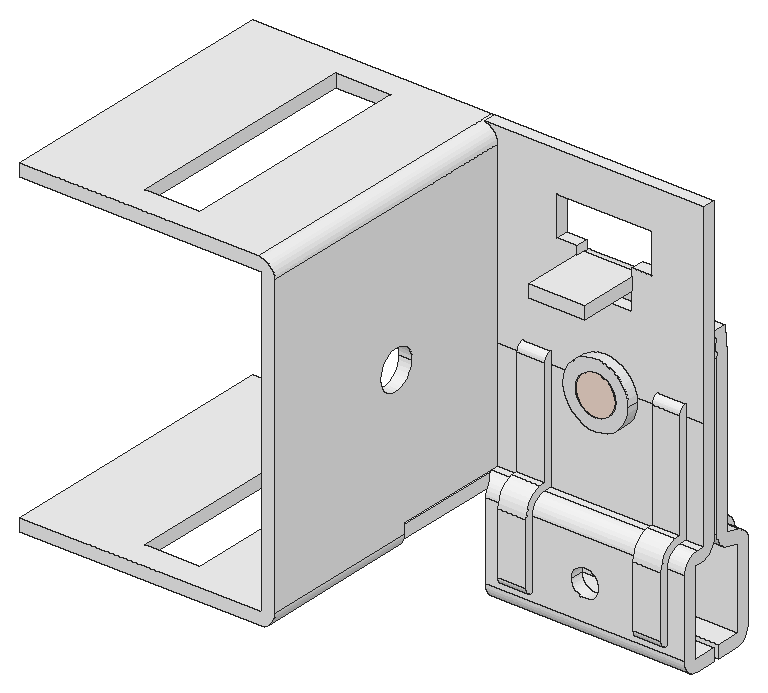
Revit family "CTハンガーH=0右", category 機械設備, Revit 2020
Family settings
  丸型コネクタ寸法 = 直径を使用
  種別 = なし
  パーツ タイプ = 標準
  作業面ベース = いいえ
  常に垂直 = はい
  ロード時にボイドで切り取り = いいえ
  共有 = いいえ
  部屋計算ポイント = いいえ
Parameters
  製造元 = "株式会社桐井製作所"
  既定の高さ = 0 mm
  URL = "https://www.kirii.co.jp/"
  K_材質 = "溶融亜鉛めっき鋼板及び鋼帯 SGCC 一般用"
  K_品名 = "CTハンガーH＝0右"
  K_名称 = "CTハンガー"
  K_入数 = "200"
  K_備考 = "対象Tバー：eT4025、eAT4025"
  K_バージョン情報 = "20220915"
  K_めっき付着量 = "Z12"
  K_JIS規格 = "JIS G 3302"
Reference planes
  plane 1 "中心(正面/背面)": y = 0
  plane 2: z = 0
  plane 3 "中心(左/右)": x = 0
Forms (mm)
  Extrusion 1, solid, material "05吊り材"
    sketch origin (0, -1.2, 0) x (0, -1, 0) y (0, 0, 1)
      loop
        line (1.8, -3.544) -> (1.8, -14.044) -> (-1.2, -14.044) -> (-1.2, -15.644) -> (1.4, -15.644)
        arc (1.4, -15.644) -> (2.814, -15.058) -> (3.4, -13.644) r 2
        line (3.4, -13.644) -> (3.4, -3.944)
        arc (3.4, -3.944) -> (2.814, -2.53) -> (1.4, -1.944) r 2
        line (1.4, -1.944) -> (0.4, -1.944) -> (0.4, 11.856) -> (0.4, 36.356) -> (-1.2, 36.356) -> (-1.2, -1.544)
        arc (-1.2, -1.544) -> (-0.614, -2.958) -> (0.8, -3.544) r 2
        line (0.8, -3.544) -> (1.8, -3.544)
    from -12.5 to 15.1
  Extrusion 2, solid, material "アルミニウム"
    sketch origin (0, -1.2, 4.922) x (-1, 0, 0) y (0, 0, 1)
      loop
        circle (0, 6.436) r 4.1
      loop
        circle (0, 6.436) r 2.499
    from -1.8 to 0
  Extrusion 3, solid, material "05吊り材"
    sketch origin (16, -1.2, 0) x (0, -1, 0) y (0, 0, 1)
      loop
        arc (1.3, 12.456) -> (1.036, 13.093) -> (0.4, 13.356) r 0.9
        line (0.4, 13.356) -> (0.4, -1.944) -> (1.4, -1.944)
        arc (1.4, -1.944) -> (2.814, -2.53) -> (3.4, -3.944) r 2
        line (3.4, -3.944) -> (3.4, -12.644)
        arc (3.4, -12.644) -> (4.036, -12.38) -> (4.3, -11.744) r 0.9
        line (4.3, -11.744) -> (4.3, -3.944)
        arc (4.3, -3.944) -> (3.685, -2.14) -> (2.095, -1.087) r 2.953
        line (2.095, -1.087) -> (1.3, -1.087) -> (1.3, 12.456)
      loop
        line (-4, -1.245) -> (-5.318, -1.633)
        arc (-5.318, -1.633) -> (-6.822, -2.678) -> (-7.4, -4.415) r 2.9
        line (-7.4, -4.415) -> (-7.4, -11.844)
        arc (-7.4, -11.844) -> (-7.166, -12.409) -> (-6.6, -12.644) r 0.8
        line (-6.6, -12.644) -> (-6.6, -4.415)
        arc (-6.6, -4.415) -> (-6.181, -3.157) -> (-5.093, -2.4) r 2.1
        line (-5.093, -2.4) -> (-3.2, -1.844) -> (-3.2, 14.356)
        arc (-3.2, 14.356) -> (-3.766, 14.122) -> (-4, 13.556) r 0.8
        line (-4, 13.556) -> (-4, -1.245)
    from 5.75 to 9.25
  Extrusion 4, void
    sketch origin (0, -1.2, 0) x (-1, 0, 0) y (0, 0, 1)
      loop
        line (-6, 31.356) -> (-6, 26.343) -> (-3.5, 26.343) -> (-3.5, 21.356) -> (3.5, 21.356) -> (3.5, 26.343) -> (6, 26.343) -> (6, 31.356) -> (-6, 31.356)
    from -0.4 to 1.2
  Extrusion 5, void
    sketch origin (0.011, -1.2, 4.995) x (-1, 0, 0) y (0, 0, 1)
      loop
        circle (0, 6.373) r 2.5
    from -1.3 to 3.2
  Extrusion 6, void
    sketch origin (0, 0.4, 0) x (1, 0, 0) y (0, 0, 1)
      loop
        line (-13.5, -1.944) -> (-15.1, -1.944) -> (-15.1, -15.644) -> (-12.5, -15.644) -> (-12.5, -2.944)
        arc (-12.5, -2.944) -> (-12.793, -2.237) -> (-13.5, -1.944) r 1
    from -1.2 to 6.3
  Extrusion 7, void
    sketch origin (0, 42.1, 50.967) x (1, 0, 0) y (0, 0, 1)
      loop
        line (-3.5, -25.623) -> (-12.5, -25.623) -> (-12.5, -29.342) -> (-3.5, -29.342) -> (-3.5, -25.623)
      loop
        line (12.5, -25.623) -> (3.5, -25.623) -> (3.5, -29.342) -> (12.5, -29.342) -> (12.5, -25.623)
    from 39.7 to 51.6
  Extrusion 8, solid, material "05吊り材"
    sketch origin (0, -1.2, 0) x (0, -1, 0) y (0, 0, 1)
      loop
        line (-5, -4.041) -> (-3.107, -3.484)
        arc (-3.107, -3.484) -> (-2.019, -2.728) -> (-1.6, -1.47) r 2.1
        line (-1.6, -1.47) -> (-1.6, 18.356) -> (-1.1, 23.256)
        arc (-1.1, 23.256) -> (-0.954, 23.61) -> (-0.6, 23.756) r 0.5
        line (-0.6, 23.756) -> (7.9, 23.756) -> (7.9, 25.343) -> (-0.6, 25.343)
        arc (-0.6, 25.343) -> (-1.932, 24.867) -> (-2.659, 23.655) r 2.1
        line (-2.659, 23.655) -> (-3.2, 18.356) -> (-3.2, -1.844) -> (-5.093, -2.4)
        arc (-5.093, -2.4) -> (-6.181, -3.157) -> (-6.6, -4.415) r 2.1
        line (-6.6, -4.415) -> (-6.6, -13.544)
        arc (-6.6, -13.544) -> (-5.985, -15.029) -> (-4.5, -15.644) r 2.1
        line (-4.5, -15.644) -> (-2, -15.644) -> (-2, -14.044) -> (-5, -14.044) -> (-5, -4.041)
    from -12.5 to 12.5
  Extrusion 9, solid, material "05吊り材"
    sketch origin (-1, -1.2, 0) x (0, -1, 0) y (0, 0, 1)
      loop
        arc (1.3, 12.456) -> (1.036, 13.093) -> (0.4, 13.356) r 0.9
        line (0.4, 13.356) -> (0.4, -1.944) -> (1.4, -1.944)
        arc (1.4, -1.944) -> (2.814, -2.53) -> (3.4, -3.944) r 2
        line (3.4, -3.944) -> (3.4, -12.644)
        arc (3.4, -12.644) -> (4.036, -12.38) -> (4.3, -11.744) r 0.9
        line (4.3, -11.744) -> (4.3, -3.944)
        arc (4.3, -3.944) -> (3.685, -2.14) -> (2.095, -1.087) r 2.953
        line (2.095, -1.087) -> (1.3, -1.087) -> (1.3, 12.456)
      loop
        line (-4, -1.245) -> (-5.318, -1.633)
        arc (-5.318, -1.633) -> (-6.822, -2.678) -> (-7.4, -4.415) r 2.9
        line (-7.4, -4.415) -> (-7.4, -11.844)
        arc (-7.4, -11.844) -> (-7.166, -12.409) -> (-6.6, -12.644) r 0.8
        line (-6.6, -12.644) -> (-6.6, -4.415)
        arc (-6.6, -4.415) -> (-6.181, -3.157) -> (-5.093, -2.4) r 2.1
        line (-5.093, -2.4) -> (-3.2, -1.844) -> (-3.2, 14.356)
        arc (-3.2, 14.356) -> (-3.766, 14.122) -> (-4, 13.556) r 0.8
        line (-4, 13.556) -> (-4, -1.245)
    from 5.75 to 9.25
  Extrusion 10, solid, material "05吊り材"
    sketch origin (16, -1.2, 0) x (0, -1, 0) y (0, 0, 1)
      loop
        arc (1.3, 12.456) -> (1.036, 13.093) -> (0.4, 13.356) r 0.9
        line (0.4, 13.356) -> (0.4, -1.944) -> (1.4, -1.944)
        arc (1.4, -1.944) -> (2.814, -2.53) -> (3.4, -3.944) r 2
        line (3.4, -3.944) -> (3.4, -12.644)
        arc (3.4, -12.644) -> (4.036, -12.38) -> (4.3, -11.744) r 0.9
        line (4.3, -11.744) -> (4.3, -3.944)
        arc (4.3, -3.944) -> (3.685, -2.14) -> (2.095, -1.087) r 2.953
        line (2.095, -1.087) -> (1.3, -1.087) -> (1.3, 12.456)
      loop
        line (-4, -1.245) -> (-5.318, -1.633)
        arc (-5.318, -1.633) -> (-6.822, -2.678) -> (-7.4, -4.415) r 2.9
        line (-7.4, -4.415) -> (-7.4, -11.844)
        arc (-7.4, -11.844) -> (-7.166, -12.409) -> (-6.6, -12.644) r 0.8
        line (-6.6, -12.644) -> (-6.6, -4.415)
        arc (-6.6, -4.415) -> (-6.181, -3.157) -> (-5.093, -2.4) r 2.1
        line (-5.093, -2.4) -> (-3.2, -1.844) -> (-3.2, 14.356)
        arc (-3.2, 14.356) -> (-3.766, 14.122) -> (-4, 13.556) r 0.8
        line (-4, 13.556) -> (-4, -1.245)
    from 5.75 to 9.25
  Extrusion 11, solid, material "05吊り材"
    sketch origin (0, 0, -20.1) x (1, 0, 0) y (0, 0, 1)
      loop
        line (-45.5, 56.456) -> (-45.5, 54.856) -> (-15.1, 54.856) -> (-15.1, 16.456) -> (-45.5, 16.456) -> (-45.5, 14.856) -> (-15.1, 14.856)
        arc (-15.1, 14.856) -> (-13.949, 15.576) -> (-13.5, 16.856) r 2.05
        line (-13.5, 16.856) -> (-13.5, 54.456)
        arc (-13.5, 54.456) -> (-14.086, 55.87) -> (-15.5, 56.456) r 2
        line (-15.5, 56.456) -> (-45.5, 56.456)
    from 0 to 36.6
  Extrusion 12, void
    sketch origin (0, 0, -19.631) x (0, 1, 0) y (0, 0, 1)
      loop
        circle (-17.5, 35.456) r 2.5
    from -15.1 to -13.5
  Extrusion 13, void
    sketch origin (0, -0.8, -59.631) x (1, 0, 0) y (0, 1, 0)
      loop
        line (-32.5, -2.5) -> (-32.5, -32.5) -> (-25.5, -32.5) -> (-25.5, -2.5) -> (-32.5, -2.5)
    from 54.387 to 55.987
  Extrusion 14, void
    sketch origin (0, -0.8, -19.631) x (1, 0, 0) y (0, 1, 0)
      loop
        line (-32.5, -2.5) -> (-32.5, -32.5) -> (-25.5, -32.5) -> (-25.5, -2.5) -> (-32.5, -2.5)
    from 54.387 to 55.987
  Extrusion 15, void
    sketch origin (0, 0, -4.375) x (1, 0, 0) y (0, 0, 1)
      loop
        circle (0, -4.769) r 1.75
    from 3 to 4.6
  Extrusion 16, void
    sketch origin (0, 8.4, -4.375) x (1, 0, 0) y (0, 0, 1)
      loop
        circle (0, -4.769) r 1.75
    from 3 to 4.6
  Extrusion 17, void
    sketch origin (0, 0, 0) x (0, 1, 0) y (0, 0, 1)
      loop
        line (0, -5.244) -> (0, -1.944) -> (-16.3, -1.944) -> (-16.3, -5.244) -> (0, -5.244)
    from -15.1 to -13.5
Cuts and joins
  Extrusion 4, Extrusion 5, Extrusion 6, Extrusion 15, Extrusion 16 cuts Extrusion 1
  Extrusion 5, Extrusion 7, Extrusion 16 cuts Extrusion 8
  joined: Extrusion 3, Extrusion 8, Extrusion 9, Extrusion 10
  Extrusion 17 cuts Extrusion 2
  Extrusion 12, Extrusion 13, Extrusion 14, Extrusion 17 cuts Extrusion 11
Dimensions and locks
  aligned and locked: level to plane 2
Nested families
  nested 1: "直吊りハンガー用ビス" at (0, 2, 11.334) x (-1, 0, 0) z (0, 0, 1), type "直吊りハンガー用ビス"
Definition of nested family "直吊りハンガー用ビス"
  Parameters (values of type "直吊りハンガー用ビス")
    Manufacturer = "株式会社桐井製作所"
    Default Elevation = 0 mm
    URL = "https://www.kirii.co.jp/"
    K_名称 = "M6×25ボルト"
  Reference planes
    plane 1 "中心(正面/背面)": y = 0
    plane 2: z = 0
    plane 3 "中心(左/右)": x = 0
    plane 4 "正面": y = -5
  Forms (mm)
    Extrusion 1, solid
      sketch origin (0, 0, 0.234) x (1, 0, 0) y (0, 0, 1)
        loop
          circle (-0.011, -0.2) r 2.5
      from 0 to -5
    Revolve 2, solid
      sketch origin (0, 0, 0) x (0, 1, 0) y (0, 0, 1)
        loop
          line (0, 0) -> (-2.299, 0) -> (-2.299, -1.966)
          arc (-2.299, -1.966) -> (-1.904, -2.921) -> (-0.949, -3.316) r 1.35
          line (-0.949, -3.316) -> (0, -3.316) -> (0, 0)
        axis (0, 0) -> (-2.299, 0)
      angle from 0 to 360
  Cuts and joins
    joined: Extrusion 1, Revolve 2
  Dimensions and locks
    aligned and locked: level to plane 2
